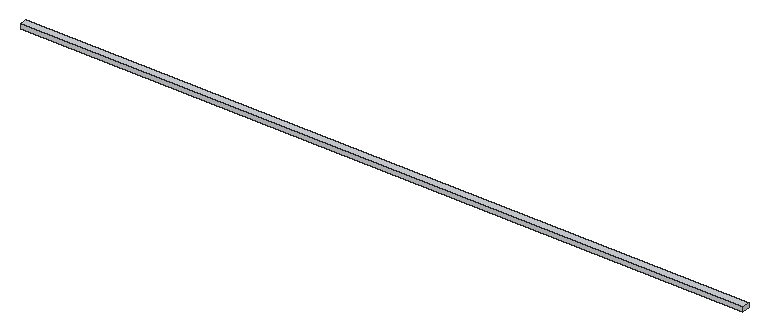
Revit family "SUPERBRILLOSA 2216 IP 20_S242280.U.1", category Luminarias, Revit 2019
Family settings
  Cota de conector redondo = Diámetro de uso
  Tipo de pieza = Normal
  Se basa en plano de trabajo = Sí
  Siempre vertical = No
  Corte con vacíos al cargar = No
  Origen de luz = Sí
  Compartido = No
  Punto de cálculo de habitación = No
Parameters (values of type "SUPERBRILLOSA 2216 IP 20_S242280.U.1")
  Tilt Angle = 60.00°
  built-in parameter 1010506 = 0.5236 (stored number, unit not read)
  built-in parameter 1010507 = 1.5708 (stored number, unit not read)
  Zone [instance] = ""
  Watt per fixture [instance] = (Longitud / 1000 mm) * (24)  # 24
  Wattage = 24 W
  built-in parameter 1150107 = 2700 (stored number, unit not read)
  built-in parameter 1150110 = 1 (stored number, unit not read)
  built-in parameter 1150109 = 1 (stored number, unit not read)
  built-in parameter 1150112 = 1 (stored number, unit not read)
  built-in parameter 1150113 = 1 (stored number, unit not read)
  built-in parameter 1114218 = 1 (stored number, unit not read)
  built-in parameter 1150137 = (empty or 0)
  built-in parameter 1150132 = (empty or 0)
  Modelo = "S242280.U.1"
  Lámpara = "2216 SMD"
  Longitud de símbolo de origen de luz = 1500 mm
  Longitud de línea de emisión = 600 mm
  Longitud [instance] = 1000 mm
  built-in parameter 1150105 = 6018.4 (stored number, unit not read)
  built-in parameter 1150102 = (empty or 0)
  built-in parameter 1150106 = 60.184 (stored number, unit not read)
  Lumens = 1800 lm
  Color Filter = 16777215
  built-in parameter 1114217 = 1 (stored number, unit not read)
  built-in parameter 1150139 = (empty or 0)
  Fabricante = "BRILLANT"
  Default Elevation = 0 mm
  built-in parameter 1150104 = 6.9677 (stored number, unit not read)
  Descripción = "TIRA LED SUPERBRILLOSA 10MM DE ANCHO IP20 USO PARA INTERIORES, DE PCB BLANCO SIN RECUBRIMIENTO, MONO CROMATICA, CON UNA POTENCIA DE 24W/M DE UN TIPO DE LED 2216 SMD, IRC90, 280 LEDS POR METRO, PRESENTACION DE 5M, TEMPERATURA EN BLANCO ULTRA CALIDO 2700K, 1800 LUMENES POR METRO, EFICIENCIA DE 75 LM/W, CORTE A 2.5CM, ALIMENTADA A 24V, REQUIERE ACCESORIOS COMO FUENTE DE PODER Y CABLE DE ALIMENTACION. PERFIL EN CASO DE SER NECESARIO."
  built-in parameter 1150115 = 1 (stored number, unit not read)
  built-in parameter 1150114 = 1 (stored number, unit not read)
  Costo USD_S242280 [instance] = (Longitud / 1000 mm) * (27)  # 27
  Cost = 0
  Comentarios de vataje = "24V"
  built-in parameter 1150138 = (empty or 0)
  built-in parameter 1150134 = (empty or 0)
  Circuit [instance] = ""
  Dimming Lamp Color Temperature Shift = (empty or 0)
  Ancho = 10 mm
  built-in parameter 1150133 = 10 (stored number, unit not read)
Reference planes
  plane 1 "Centro (Frontal/Posterior)": y = 0
  plane 2: z = 0
  plane 3 "Centro (Izquierda/Derecha)": x = 0
  plane 4: x = 0
  plane 5: z = 12
  plane 6: x = -1000
  plane 7: y = 5
  plane 8: y = -5
Forms (mm)
  Extrusion 1, solid
    sketch origin (0, 0, 0) x (1, 0, 0) y (0, 1, 0)
      loop
        line (-1000, 5) -> (-1000, -5) -> (0, -5) -> (0, 5) -> (-1000, 5)
    from 0 to 6.038
Dimensions and locks
  "Longitud": plane 6 to plane 4
  equal spacing: plane 7, plane 1 "Centro (Frontal/Posterior)", plane 8
  plane 1 "Centro (Frontal/Posterior)" to plane 7 = 5 mm
  "Ancho": plane 7 to plane 8
  "Longitud": plane 6 to plane 3 "Centro (Izquierda/Derecha)"
  aligned and locked: level to plane 2
  aligned and locked: Extrusion 1 to plane 4
  aligned and locked: plane 6 to Extrusion 1
  aligned and locked: plane 3 "Centro (Izquierda/Derecha)" to Extrusion 1
  aligned and locked: Extrusion 1 to plane 7
  aligned and locked: Extrusion 1 to plane 8
Automatic sketch dimensions
  Extrusion 1 sketch curve to plane 6 = 0 mm
  Extrusion 1 sketch curve to plane 3 "Centro (Izquierda/Derecha)" = 0 mm
  plane 1 "Centro (Frontal/Posterior)" to Extrusion 1 sketch curve = 5 mm
  Extrusion 1 sketch curve to plane 1 "Centro (Frontal/Posterior)" = 5 mm
Connectors
  electrical at (0, 0, 3.019)
    settings: on Extrusion 1, index 1, voltage 24 V, apparent load 0 VA, apparent load phase1 0 VA, apparent load phase2 0 VA, apparent load phase3 0 VA, power factor 1, load classification "Otro", number of poles 1, system type 31, power factor state 1, is connector primary yes, connector utility no, sub classification motor no, connector description ""
